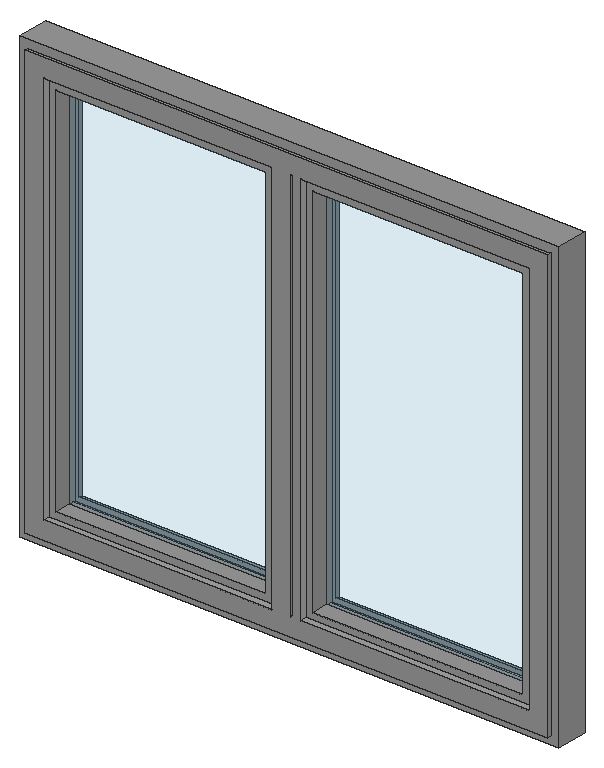
Revit family "Kawneer_Window_GT70s_Pos005", category Windows, host Wall, Revit 2020 (continued)
Definition of nested family "Kawneer_GT70s_Pos005"
  Definition of nested family "Kawneer_GT70s_Jamb"
    Lines and regions (mm)
      model lines, in view "Ref. Level", visible <- "Open", detail levels fine
        curve 272: arc (-43.3, -22.3, 0) -> (-43.154, -21.946, 0) -> (-42.8, -21.8, 0) r 0.5
        curve 273: arc (-42, -21.8, 0) -> (-41.9, -21.827, 0) -> (-41.827, -21.9, 0) r 0.2
        curve 274: arc (-41.827, -21.9, 0) -> (-41.754, -21.973, 0) -> (-41.654, -22, 0) r 0.2
        curve 275: arc (-36, -22, 0) -> (-35.646, -21.854, 0) -> (-35.5, -21.5, 0) r 0.5
        curve 276: arc (-35.5, -18, 0) -> (-35.646, -17.646, 0) -> (-36, -17.5, 0) r 0.5
        curve 277: arc (-36.5, -17.5, 0) -> (-36.854, -17.646, 0) -> (-37, -18, 0) r 0.5
        curve 278: arc (-37, -19.5, 0) -> (-37.146, -19.854, 0) -> (-37.5, -20, 0) r 0.5
        curve 279: arc (-39.207, -20, 0) -> (-39.485, -20.039, 0) -> (-39.74, -20.154, 0) r 1
        curve 280: arc (-39.74, -20.154, 0) -> (-40.112, -20.112, 0) -> (-40.154, -19.74, 0) r 0.3
        curve 281: arc (-40.154, -19.74, 0) -> (-40.039, -19.485, 0) -> (-40, -19.207, 0) r 1
        curve 282: arc (-40, -0.793, 0) -> (-40.039, -0.515, 0) -> (-40.154, -0.26, 0) r 1
        curve 283: arc (-40.154, -0.26, 0) -> (-40.112, 0.112, 0) -> (-39.74, 0.154, 0) r 0.3
        curve 284: arc (-39.74, 0.154, 0) -> (-39.485, 0.039, 0) -> (-39.207, 0, 0) r 1
        curve 285: arc (-37.5, 0, 0) -> (-37.146, -0.146, 0) -> (-37, -0.5, 0) r 0.5
        curve 286: arc (-37, -2, 0) -> (-36.854, -2.354, 0) -> (-36.5, -2.5, 0) r 0.5
        curve 287: arc (-36, -2.5, 0) -> (-35.646, -2.354, 0) -> (-35.5, -2, 0) r 0.5
        curve 288: arc (-35.5, 1.5, 0) -> (-35.646, 1.854, 0) -> (-36, 2, 0) r 0.5
        curve 289: arc (-39.5, 2, 0) -> (-39.854, 2.146, 0) -> (-40, 2.5, 0) r 0.5
        curve 290: arc (-40, 4.7, 0) -> (-39.561, 5.761, 0) -> (-38.5, 6.2, 0) r 1.5
        curve 291: arc (-25.6, 6.2, 0) -> (-25.246, 6.054, 0) -> (-25.1, 5.7, 0) r 0.5
        curve 292: arc (-25.1, 4.5, 0) -> (-24.954, 4.146, 0) -> (-24.6, 4, 0) r 0.5
        curve 293: arc (-23.8, 4, 0) -> (-23.446, 4.146, 0) -> (-23.3, 4.5, 0) r 0.5
        curve 294: arc (-23.3, 4.8, 0) -> (-23.359, 4.941, 0) -> (-23.5, 5, 0) r 0.2
        curve 295: arc (-23.8, 5, 0) -> (-24.154, 5.146, 0) -> (-24.3, 5.5, 0) r 0.5
        curve 296: arc (-24.3, 6.1, 0) -> (-24.154, 6.454, 0) -> (-23.8, 6.6, 0) r 0.5
        curve 297: arc (-19.7, 6.6, 0) -> (-19.346, 6.454, 0) -> (-19.2, 6.1, 0) r 0.5
        curve 298: arc (-19.2, 5.5, 0) -> (-19.346, 5.146, 0) -> (-19.7, 5, 0) r 0.5
        curve 299: arc (-20.2, 5, 0) -> (-20.341, 4.941, 0) -> (-20.4, 4.8, 0) r 0.2
        curve 300: arc (-20.4, 4.5, 0) -> (-20.254, 4.146, 0) -> (-19.9, 4, 0) r 0.5
        curve 301: arc (-18.5, 4, 0) -> (-18.146, 4.146, 0) -> (-18, 4.5, 0) r 0.5
        curve 302: arc (-18, 6, 0) -> (-18.586, 7.414, 0) -> (-20, 8, 0) r 2
        curve 303: arc (-57.05, -38.8, 0) -> (-57.404, -38.946, 0) -> (-57.55, -39.3, 0) r 0.5
        curve 304: arc (-57.55, -39.3, 0) -> (-57.488, -43.91, 0) -> (-57.303, -48.516, 0) r 172.47
        curve 305: arc (-57.303, -48.516, 0) -> (-57.098, -49.458, 0) -> (-56.605, -50.286, 0) r 3.002
        curve 306: arc (-55.22, -51.936, 0) -> (-54.7, -52.838, 0) -> (-54.519, -53.863, 0) r 2.996
        curve 307: arc (-54.519, -54.329, 0) -> (-54.502, -54.456, 0) -> (-54.452, -54.574, 0) r 0.5
        curve 308: arc (-53.6, -56.6, 0) -> (-53.659, -56.741, 0) -> (-53.8, -56.8, 0) r 0.2
        curve 309: arc (-54.821, -56.8, 0) -> (-55.08, -56.65, 0) -> (-55.08, -56.35, 0) r 0.3
        curve 310: arc (-55.08, -56.35, 0) -> (-55.6, -55.45, 0) -> (-56.12, -56.35, 0) r 0.6
        curve 311: arc (-56.12, -56.35, 0) -> (-56.12, -56.65, 0) -> (-56.379, -56.8, 0) r 0.3
        curve 312: arc (-57.2, -56.8, 0) -> (-57.341, -56.741, 0) -> (-57.4, -56.6, 0) r 0.2
        curve 313: arc (-56.897, -54.429, 0) -> (-57.114, -53.72, 0) -> (-57.645, -53.201, 0) r 1.5
        curve 314: arc (-58.45, -52.736, 0) -> (-58.816, -52.37, 0) -> (-58.95, -51.87, 0) r 1
        curve 315: arc (-58.95, -26.73, 0) -> (-58.816, -26.23, 0) -> (-58.45, -25.864, 0) r 1
        curve 316: arc (-57.645, -25.399, 0) -> (-57.114, -24.88, 0) -> (-56.897, -24.171, 0) r 1.5
        curve 317: arc (-57.4, -22, 0) -> (-57.341, -21.859, 0) -> (-57.2, -21.8, 0) r 0.2
        curve 318: arc (-56.379, -21.8, 0) -> (-56.12, -21.95, 0) -> (-56.12, -22.25, 0) r 0.3
        curve 319: arc (-56.12, -22.25, 0) -> (-55.6, -23.15, 0) -> (-55.08, -22.25, 0) r 0.6
        curve 320: arc (-55.08, -22.25, 0) -> (-55.08, -21.95, 0) -> (-54.821, -21.8, 0) r 0.3
        curve 321: arc (-53.8, -21.8, 0) -> (-53.659, -21.859, 0) -> (-53.6, -22, 0) r 0.2
        curve 322: arc (-54.452, -24.026, 0) -> (-54.502, -24.144, 0) -> (-54.519, -24.271, 0) r 0.5
        curve 323: arc (-54.519, -24.737, 0) -> (-54.672, -25.773, 0) -> (-55.221, -26.665, 0) r 2.599
        curve 324: arc (-56.605, -28.315, 0) -> (-57.095, -29.143, 0) -> (-57.303, -30.083, 0) r 3.049
        curve 325: arc (-57.303, -30.083, 0) -> (-57.455, -33.587, 0) -> (-57.536, -37.094, 0) r 172.05
        curve 326: arc (-57.536, -37.094, 0) -> (-57.392, -37.451, 0) -> (-57.036, -37.6, 0) r 0.5
        curve 327: arc (-48.75, -37.6, 0) -> (-48.326, -37.776, 0) -> (-48.15, -38.2, 0) r 0.6
        curve 328: arc (-48.15, -38.2, 0) -> (-48.326, -38.624, 0) -> (-48.75, -38.8, 0) r 0.6
        curve 329: arc (-48.748, -39.1, 0) -> (-47.848, -38.2, 0) -> (-48.748, -37.3, 0) r 0.9
        curve 330: arc (-53.348, -39.499, 0) -> (-54.248, -40.399, 0) -> (-53.348, -41.299, 0) r 0.9
        curve 331: arc (-42.707, -37.123, 0) -> (-42.519, -37.18, 0) -> (-42.324, -37.199, 0) r 1
        curve 332: arc (-38.348, -37.199, 0) -> (-37.641, -36.906, 0) -> (-37.348, -36.199, 0) r 1
        curve 333: arc (-37.348, -29.799, 0) -> (-37.788, -28.738, 0) -> (-38.848, -28.299, 0) r 1.5
        curve 334: arc (-42.548, -28.299, 0) -> (-43.609, -28.738, 0) -> (-44.048, -29.799, 0) r 1.5
        curve 335: arc (-44.048, -35.475, 0) -> (-43.972, -35.857, 0) -> (-43.755, -36.182, 0) r 1
        curve 336: arc (-43.031, -36.906, 0) -> (-42.879, -37.03, 0) -> (-42.707, -37.123, 0) r 1
        curve 337: arc (-37.348, -38.899, 0) -> (-37.641, -38.192, 0) -> (-38.348, -37.899, 0) r 1
        curve 338: arc (-41.918, -37.899, 0) -> (-42.372, -38.008, 0) -> (-42.728, -38.311, 0) r 1
        curve 339: arc (-43.857, -39.866, 0) -> (-43.999, -40.145, 0) -> (-44.048, -40.454, 0) r 1
        curve 340: arc (-44.048, -45.299, 0) -> (-43.609, -46.36, 0) -> (-42.548, -46.799, 0) r 1.5
        curve 341: arc (-38.848, -46.799, 0) -> (-37.788, -46.36, 0) -> (-37.348, -45.299, 0) r 1.5
        curve 342: arc (-44.898, -56.6, 0) -> (-44.957, -56.741, 0) -> (-45.098, -56.8, 0) r 0.2
        curve 343: arc (-45.919, -56.8, 0) -> (-46.179, -56.65, 0) -> (-46.178, -56.35, 0) r 0.3
        curve 344: arc (-46.178, -56.35, 0) -> (-46.698, -55.448, 0) -> (-47.218, -56.35, 0) r 0.601
        curve 345: arc (-47.218, -56.35, 0) -> (-47.218, -56.65, 0) -> (-47.478, -56.8, 0) r 0.3
        curve 346: arc (-48.498, -56.8, 0) -> (-48.64, -56.741, 0) -> (-48.698, -56.6, 0) r 0.2
        curve 347: arc (-47.846, -54.574, 0) -> (-47.797, -54.456, 0) -> (-47.779, -54.33, 0) r 0.5
        curve 348: arc (-47.779, -53.863, 0) -> (-47.598, -52.835, 0) -> (-47.075, -51.932, 0) r 2.996
        curve 349: arc (-45.75, -50.353, 0) -> (-45.229, -49.451, 0) -> (-45.048, -48.425, 0) r 3
        curve 350: arc (-45.048, -41.499, 0) -> (-45.195, -41.145, 0) -> (-45.548, -40.999, 0) r 0.5
        curve 351: arc (-53.348, -40.999, 0) -> (-53.948, -40.399, 0) -> (-53.348, -39.799, 0) r 0.6
        curve 352: arc (-45.299, -39.799, 0) -> (-45.072, -39.744, 0) -> (-44.895, -39.593, 0) r 0.5
        curve 353: arc (-44.177, -38.605, 0) -> (-43.975, -37.65, 0) -> (-44.55, -36.86, 0) r 1.2
        curve 354: arc (-44.55, -36.86, 0) -> (-44.756, -36.701, 0) -> (-44.915, -36.493, 0) r 1
        curve 355: arc (-44.915, -36.493, 0) -> (-45.015, -36.252, 0) -> (-45.048, -35.993, 0) r 1
        curve 356: arc (-45.048, -30.173, 0) -> (-45.23, -29.148, 0) -> (-45.75, -28.247, 0) r 3
        curve 357: arc (-47.078, -26.664, 0) -> (-47.599, -25.761, 0) -> (-47.779, -24.733, 0) r 2.996
        curve 358: arc (-47.779, -24.27, 0) -> (-47.797, -24.143, 0) -> (-47.847, -24.024, 0) r 0.5
        curve 359: arc (-48.698, -22, 0) -> (-48.639, -21.858, 0) -> (-48.498, -21.8, 0) r 0.2
        curve 360: arc (-47.478, -21.8, 0) -> (-47.218, -21.95, 0) -> (-47.218, -22.25, 0) r 0.3
        curve 361: arc (-47.218, -22.25, 0) -> (-46.698, -23.173, 0) -> (-46.179, -22.25, 0) r 0.608
        curve 362: arc (-46.179, -22.25, 0) -> (-46.179, -21.95, 0) -> (-45.919, -21.8, 0) r 0.3
        curve 363: arc (-45.098, -21.8, 0) -> (-44.957, -21.859, 0) -> (-44.898, -22, 0) r 0.2
        curve 364: arc (-45.402, -24.171, 0) -> (-45.184, -24.88, 0) -> (-44.653, -25.399, 0) r 1.5
        curve 365: arc (-43.848, -25.864, 0) -> (-43.509, -26.186, 0) -> (-43.354, -26.626, 0) r 1
        curve 366: arc (-43.354, -26.626, 0) -> (-43.11, -27.106, 0) -> (-42.608, -27.299, 0) r 0.75
        curve 367: arc (-37.848, -27.299, 0) -> (-36.788, -27.738, 0) -> (-36.348, -28.799, 0) r 1.5
        curve 368: arc (-36.348, -47.299, 0) -> (-36.386, -47.49, 0) -> (-36.495, -47.652, 0) r 0.5
        curve 369: arc (-36.495, -47.652, 0) -> (-36.657, -47.761, 0) -> (-36.848, -47.799, 0) r 0.5
        curve 370: arc (-42.348, -47.799, 0) -> (-43.055, -48.092, 0) -> (-43.348, -48.799, 0) r 1
        curve 371: arc (-43.348, -51.87, 0) -> (-43.482, -52.37, 0) -> (-43.848, -52.736, 0) r 1
        curve 372: arc (-44.653, -53.201, 0) -> (-45.184, -53.72, 0) -> (-45.402, -54.429, 0) r 1.5
        curve 373: arc (-23.123, -48.448, 0) -> (-22.961, -48.34, 0) -> (-22.769, -48.302, 0) r 0.5
        curve 374: arc (-21.98, -48.302, 0) -> (-21.592, -48.486, 0) -> (-21.49, -48.902, 0) r 0.5
        curve 375: arc (-21.49, -48.902, 0) -> (-21.837, -49.477, 0) -> (-22.469, -49.702, 0) r 1
        curve 376: arc (-22.769, -49.702, 0) -> (-23.123, -49.556, 0) -> (-23.269, -49.202, 0) r 0.5
        curve 377: arc (-23.269, -48.802, 0) -> (-23.231, -48.611, 0) -> (-23.123, -48.448, 0) r 0.5
        curve 378: arc (-23.269, -50.864, 0) -> (-23.123, -50.511, 0) -> (-22.769, -50.364, 0) r 0.5
        curve 379: arc (-22.469, -50.364, 0) -> (-22.116, -50.511, 0) -> (-21.969, -50.864, 0) r 0.5
        curve 380: arc (-21.969, -51.264, 0) -> (-22.116, -51.618, 0) -> (-22.469, -51.764, 0) r 0.5
        curve 381: arc (-22.769, -51.764, 0) -> (-23.123, -51.618, 0) -> (-23.269, -51.264, 0) r 0.5
        curve 382: arc (-22.417, -47.337, 0) -> (-23.203, -47.721, 0) -> (-23.75, -47.038, 0) r 0.7
        curve 383: arc (-23.75, -45.879, 0) -> (-23.828, -45.72, 0) -> (-24.001, -45.685, 0) r 0.2
        curve 384: arc (-24.001, -45.685, 0) -> (-24.538, -45.926, 0) -> (-24.969, -46.327, 0) r 1.8
        curve 385: arc (-24.969, -46.327, 0) -> (-25.247, -46.846, 0) -> (-25.343, -47.426, 0) r 1.8
        curve 386: arc (-25.478, -48.971, 0) -> (-26.249, -50.38, 0) -> (-27.807, -50.768, 0) r 2
        curve 387: arc (-37.792, -49.066, 0) -> (-37.975, -48.917, 0) -> (-37.74, -48.895, 0) r 0.127
        curve 388: arc (-33.917, -49.648, 0) -> (-33.407, -49.439, 0) -> (-33.399, -48.888, 0) r 0.5
        curve 389: arc (-33.399, -48.888, 0) -> (-34.305, -48.041, 0) -> (-35.507, -47.733, 0) r 2.5
        curve 390: arc (-38.535, -47.733, 0) -> (-39.49, -48.435, 0) -> (-39.104, -49.555, 0) r 1
        curve 391: arc (-38.829, -49.745, 0) -> (-34.447, -52.327, 0) -> (-29.736, -54.247, 0) r 35
        curve 392: arc (-24.062, -56.09, 0) -> (-23.882, -56.062, 0) -> (-23.8, -55.9, 0) r 0.2
        curve 393: arc (-23.8, -53.033, 0) -> (-23.123, -52.333, 0) -> (-22.402, -52.987, 0) r 0.7
        curve 394: arc (-19.45, -52.318, 0) -> (-19.34, -52.208, 0) -> (-19.3, -52.058, 0) r 0.3
        curve 395: arc (-19.3, -50.838, 0) -> (-19.703, -50.435, 0) -> (-20.105, -50.838, 0) r 0.403
        curve 396: arc (-20.105, -51.044, 0) -> (-20.43, -51.369, 0) -> (-20.755, -51.044, 0) r 0.325
        curve 397: arc (-20.755, -50.331, 0) -> (-20.665, -50.044, 0) -> (-20.427, -49.861, 0) r 0.5
        curve 398: arc (-20.427, -49.861, 0) -> (-19.714, -49.312, 0) -> (-19.443, -48.453, 0) r 1.5
        curve 399: arc (-19.443, -48.22, 0) -> (-19.482, -48.073, 0) -> (-19.588, -47.964, 0) r 0.3
        curve 400: arc (-21.314, 5.418, 0) -> (-21.379, 5.548, 0) -> (-21.514, 5.601, 0) r 0.2
        curve 401: arc (-22.186, 5.601, 0) -> (-22.321, 5.548, 0) -> (-22.386, 5.418, 0) r 0.2
        curve 402: arc (-22.499, 4.118, 0) -> (-22.447, 3.966, 0) -> (-22.3, 3.901, 0) r 0.2
        curve 403: arc (-21.4, 3.901, 0) -> (-21.253, 3.966, 0) -> (-21.201, 4.118, 0) r 0.2
        curve 404: arc (-19.374, 0.801, 0) -> (-18.827, 1.016, 0) -> (-18.575, 1.547, 0) r 0.8
        curve 405: arc (-18.575, 1.547, 0) -> (-18.557, 2.183, 0) -> (-18.588, 2.818, 0) r 8.2
        curve 406: arc (-18.588, 2.818, 0) -> (-18.652, 2.948, 0) -> (-18.787, 3.001, 0) r 0.2
        curve 407: arc (-22.98, 3.001, 0) -> (-23.079, 2.92, 0) -> (-23.018, 2.808, 0) r 0.1
        curve 408: arc (-23.018, 2.808, 0) -> (-21.725, 2.548, 0) -> (-20.427, 2.788, 0) r 3.48
        curve 409: arc (-20.427, 2.788, 0) -> (-19.497, 2.631, 0) -> (-19.262, 1.718, 0) r 0.866
        curve 410: arc (-19.262, 1.718, 0) -> (-19.522, 1.279, 0) -> (-19.938, 0.984, 0) r 1.222
        curve 411: arc (-24.001, 1.423, 0) -> (-23.692, 1.905, 0) -> (-23.21, 1.597, 0) r 0.405
        curve 412: arc (-23.21, 1.597, 0) -> (-22.892, 1.058, 0) -> (-22.318, 0.809, 0) r 1.009
        curve 413: arc (-22.318, 0.809, 0) -> (-22.054, 0.8, 0) -> (-21.79, 0.822, 0) r 2.275
        curve 414: arc (-21.79, 0.822, 0) -> (-21.531, 0.873, 0) -> (-21.28, 0.955, 0) r 2.275
        curve 415: arc (-21.28, 0.955, 0) -> (-20.591, 1.326, 0) -> (-20.012, 1.851, 0) r 3.222
        curve 416: arc (-20.012, 1.851, 0) -> (-20.004, 2.011, 0) -> (-20.157, 2.057, 0) r 0.13
        curve 417: arc (-20.157, 2.057, 0) -> (-22.9, 1.942, 0) -> (-25.143, 3.524, 0) r 4.258
        curve 418: arc (-25.143, 3.524, 0) -> (-25.167, 3.837, 0) -> (-24.9, 4.001, 0) r 0.3
        curve 419: arc (-23.5, 4.001, 0) -> (-23.359, 4.059, 0) -> (-23.3, 4.201, 0) r 0.2
        curve 420: arc (-23.735, 5.377, 0) -> (-23.897, 5.54, 0) -> (-23.8, 5.747, 0) r 0.2
        curve 421: arc (-19.9, 5.747, 0) -> (-19.803, 5.54, 0) -> (-19.965, 5.377, 0) r 0.2
        curve 422: arc (-20.4, 4.201, 0) -> (-20.341, 4.059, 0) -> (-20.2, 4.001, 0) r 0.2
        curve 423: arc (-18.2, 4.001, 0) -> (-18.008, 3.931, 0) -> (-17.905, 3.754, 0) r 0.3
        curve 424: arc (-17.905, 3.754, 0) -> (-17.771, 2.624, 0) -> (-17.778, 1.486, 0) r 9.161
        curve 425: arc (-17.778, 1.486, 0) -> (-18.282, 0.426, 0) -> (-19.374, -0.005, 0) r 1.6
        curve 426: arc (-22.244, -0.005, 0) -> (-23.371, 0.402, 0) -> (-24.001, 1.423, 0) r 1.819
        curve 427: arc (-34.4, -68.117, 0) -> (-34.452, -67.965, 0) -> (-34.6, -67.9, 0) r 0.2
        curve 428: arc (-35.4, -67.9, 0) -> (-35.547, -67.965, 0) -> (-35.599, -68.117, 0) r 0.2
        curve 429: arc (-35.485, -69.417, 0) -> (-35.421, -69.547, 0) -> (-35.286, -69.6, 0) r 0.2
        curve 430: arc (-36.686, -69.913, 0) -> (-36.839, -69.47, 0) -> (-36.516, -69.131, 0) r 0.45
        curve 431: arc (-36.4, -68.3, 0) -> (-36.488, -68.088, 0) -> (-36.7, -68, 0) r 0.3
        curve 432: arc (-39.099, -68, 0) -> (-39.319, -68.097, 0) -> (-39.398, -68.324, 0) r 0.3
        curve 433: arc (-39.4, -72, 0) -> (-40.226, -71.752, 0) -> (-40.779, -71.09, 0) r 1.5
        curve 434: arc (-40.779, -71.09, 0) -> (-41.567, -70.008, 0) -> (-42.747, -69.376, 0) r 3
        curve 435: arc (-46.63, -68.317, 0) -> (-46.991, -67.746, 0) -> (-46.453, -67.337, 0) r 0.5
        curve 436: arc (-41.435, -67.798, 0) -> (-41.072, -67.686, 0) -> (-40.892, -67.35, 0) r 0.5
        curve 437: arc (-40.892, -67.35, 0) -> (-40.406, -66.388, 0) -> (-39.4, -66, 0) r 1.5
        curve 438: arc (-32.4, -66, 0) -> (-31.339, -66.439, 0) -> (-30.9, -67.5, 0) r 1.5
        curve 439: arc (-33.3, -68, 0) -> (-33.512, -68.088, 0) -> (-33.6, -68.3, 0) r 0.3
        curve 440: arc (-59, -63.646, 0) -> (-59.146, -63.293, 0) -> (-59.5, -63.146, 0) r 0.5
        curve 441: arc (-64, -62.646, 0) -> (-63.854, -63, 0) -> (-63.5, -63.146, 0) r 0.5
        curve 442: arc (-63.5, -51.646, 0) -> (-63.854, -51.793, 0) -> (-64, -52.146, 0) r 0.5
        curve 443: arc (-59.5, -51.646, 0) -> (-59.146, -51.5, 0) -> (-59, -51.146, 0) r 0.5
        curve 444: arc (-64, -49.146, 0) -> (-63.854, -49.5, 0) -> (-63.5, -49.646, 0) r 0.5
        curve 445: arc (-59, -50.146, 0) -> (-59.146, -49.793, 0) -> (-59.5, -49.646, 0) r 0.5
        curve 446: arc (-59.5, -22.646, 0) -> (-59.146, -22.5, 0) -> (-59, -22.146, 0) r 0.5
        curve 447: arc (-63.5, -22.646, 0) -> (-63.854, -22.793, 0) -> (-64, -23.146, 0) r 0.5
        curve 448: arc (-59.001, -18.671, 0) -> (-59.138, -18.302, 0) -> (-59.5, -18.146, 0) r 0.5
        curve 449: arc (-61, -18.146, 0) -> (-61.354, -18.293, 0) -> (-61.5, -18.646, 0) r 0.5
        curve 450: arc (-62, -20.646, 0) -> (-61.646, -20.5, 0) -> (-61.5, -20.146, 0) r 0.5
        curve 451: arc (-62.188, -3.988, 0) -> (-61.976, -3.9, 0) -> (-61.764, -3.988, 0) r 0.3
        curve 452: arc (-61.205, -4.546, 0) -> (-61.097, -5.091, 0) -> (-61.559, -5.4, 0) r 0.5
        curve 453: arc (-64.238, -5.4, 0) -> (-65.238, -5.132, 0) -> (-65.97, -4.4, 0) r 2
        curve 454: arc (-67.5, -1.75, 0) -> (-67.683, -1.567, 0) -> (-67.933, -1.5, 0) r 0.5
        curve 455: arc (-76.078, -1.5, 0) -> (-77.11, -1.911, 0) -> (-77.576, -2.92, 0) r 1.5
        curve 456: arc (-77.744, -12.082, 0) -> (-77.458, -12.801, 0) -> (-76.744, -13.1, 0) r 1
        curve 457: arc (-60.356, -13.1, 0) -> (-59.481, -13.772, 0) -> (-59.903, -14.792, 0) r 0.906
        curve 458: arc (-61.534, -15.733, 0) -> (-61.655, -15.783, 0) -> (-61.784, -15.8, 0) r 0.5
        curve 459: arc (-62.25, -15.8, 0) -> (-62.391, -15.741, 0) -> (-62.45, -15.6, 0) r 0.2
        curve 460: arc (-61.709, -14.541, 0) -> (-61.665, -14.323, 0) -> (-61.85, -14.2, 0) r 0.2
        curve 461: arc (-77.3, -14.2, 0) -> (-77.654, -14.346, 0) -> (-77.8, -14.7, 0) r 0.5
        curve 462: arc (-77.8, -28.9, 0) -> (-77.654, -29.254, 0) -> (-77.3, -29.4, 0) r 0.5
        curve 463: arc (-77.2, -29.4, 0) -> (-76.846, -29.546, 0) -> (-76.7, -29.9, 0) r 0.5
        curve 464: arc (-76.7, -30.4, 0) -> (-76.846, -30.754, 0) -> (-77.2, -30.9, 0) r 0.5
        curve 465: arc (-78.5, -30.9, 0) -> (-78.854, -30.754, 0) -> (-79, -30.4, 0) r 0.5
        curve 466: arc (-79, -0.5, 0) -> (-78.854, -0.146, 0) -> (-78.5, 0, 0) r 0.5
        curve 467: arc (-64.7, 0, 0) -> (-64.346, -0.146, 0) -> (-64.2, -0.5, 0) r 0.5
        curve 468: arc (-64.2, -1, 0) -> (-64.259, -1.141, 0) -> (-64.4, -1.2, 0) r 0.2
        curve 469: arc (-65.566, -1.2, 0) -> (-65.999, -1.45, 0) -> (-65.999, -1.95, 0) r 0.5
        curve 470: arc (-64.989, -3.7, 0) -> (-64.623, -4.066, 0) -> (-64.123, -4.2, 0) r 1
        curve 471: arc (-62.566, -4.2, 0) -> (-62.413, -4.17, 0) -> (-62.283, -4.083, 0) r 0.4
        curve 472: spline (-76.891, -35.351, 0) -> (-77.086, -35.603, 0) -> (-77.298, -35.838, 0) -> (-77.527, -36.055, 0) -> (-77.77, -36.253, 0) -> (-78.026, -36.43, 0) -> (-78.295, -36.586, 0) -> (-78.574, -36.719, 0) -> (-78.861, -36.83, 0) -> (-79.156, -36.916, 0) -> (-79.456, -36.978, 0) -> (-79.759, -37.016, 0) -> (-80.064, -37.028, 0)
        curve 473: spline (-76.891, -35.351, 0) -> (-76.752, -35.2, 0) -> (-76.596, -35.069, 0) -> (-76.426, -34.96, 0) -> (-76.245, -34.876, 0) -> (-76.055, -34.816, 0) -> (-75.859, -34.784, 0) -> (-75.661, -34.778, 0) -> (-75.464, -34.799, 0) -> (-75.272, -34.847, 0) -> (-75.086, -34.921, 0) -> (-74.911, -35.02, 0) -> (-74.749, -35.142, 0)
        curve 474: spline (-69.697, -37.028, 0) -> (-70.151, -37.017, 0) -> (-70.604, -36.978, 0) -> (-71.054, -36.912, 0) -> (-71.501, -36.819, 0) -> (-71.941, -36.698, 0) -> (-72.374, -36.551, 0) -> (-72.799, -36.378, 0) -> (-73.214, -36.179, 0) -> (-73.618, -35.955, 0) -> (-74.009, -35.707, 0) -> (-74.387, -35.436, 0) -> (-74.749, -35.142, 0)
        curve 475: spline (-69.509, -35.776, 0) -> (-69.382, -35.84, 0) -> (-69.273, -35.934, 0) -> (-69.186, -36.053, 0) -> (-69.128, -36.189, 0) -> (-69.102, -36.337, 0) -> (-69.108, -36.487, 0) -> (-69.146, -36.632, 0) -> (-69.214, -36.763, 0) -> (-69.31, -36.873, 0) -> (-69.426, -36.957, 0) -> (-69.557, -37.01, 0) -> (-69.697, -37.028, 0)
        curve 476: spline (-69.509, -35.776, 0) -> (-69.816, -35.653, 0) -> (-70.115, -35.509, 0) -> (-70.404, -35.344, 0) -> (-70.683, -35.159, 0) -> (-70.95, -34.956, 0) -> (-71.204, -34.733, 0) -> (-71.444, -34.494, 0) -> (-71.668, -34.238, 0) -> (-71.877, -33.967, 0) -> (-72.068, -33.682, 0) -> (-72.242, -33.384, 0) -> (-72.397, -33.074, 0)
        curve 477: spline (-72.397, -33.074, 0) -> (-72.462, -32.932, 0) -> (-72.527, -32.789, 0) -> (-72.59, -32.645, 0) -> (-72.653, -32.501, 0) -> (-72.716, -32.357, 0) -> (-72.777, -32.213, 0) -> (-72.838, -32.068, 0) -> (-72.897, -31.922, 0) -> (-72.956, -31.776, 0) -> (-73.015, -31.63, 0) -> (-73.072, -31.484, 0) -> (-73.129, -31.337, 0)
        curve 478: spline (-73.736, -30.94, 0) -> (-73.673, -30.938, 0) -> (-73.609, -30.943, 0) -> (-73.547, -30.955, 0) -> (-73.486, -30.974, 0) -> (-73.427, -30.999, 0) -> (-73.371, -31.032, 0) -> (-73.319, -31.07, 0) -> (-73.271, -31.114, 0) -> (-73.227, -31.163, 0) -> (-73.189, -31.217, 0) -> (-73.156, -31.276, 0) -> (-73.129, -31.337, 0)
        curve 479: spline (-74.46, -31.008, 0) -> (-74.479, -31.009, 0) -> (-74.499, -31.009, 0) -> (-74.518, -31.007, 0) -> (-74.538, -31.004, 0) -> (-74.557, -31, 0) -> (-74.576, -30.994, 0) -> (-74.594, -30.987, 0) -> (-74.613, -30.979, 0) -> (-74.63, -30.969, 0) -> (-74.647, -30.959, 0) -> (-74.663, -30.947, 0) -> (-74.679, -30.934, 0)
        curve 480: spline (-75.611, -30.412, 0) -> (-75.589, -30.378, 0) -> (-75.563, -30.348, 0) -> (-75.533, -30.323, 0) -> (-75.5, -30.303, 0) -> (-75.464, -30.289, 0) -> (-75.427, -30.28, 0) -> (-75.389, -30.278, 0) -> (-75.351, -30.282, 0) -> (-75.314, -30.292, 0) -> (-75.279, -30.308, 0) -> (-75.246, -30.33, 0) -> (-75.217, -30.356, 0)
        curve 481: spline (-75.856, -30.867, 0) -> (-75.87, -30.891, 0) -> (-75.886, -30.913, 0) -> (-75.904, -30.934, 0) -> (-75.923, -30.953, 0) -> (-75.944, -30.97, 0) -> (-75.966, -30.985, 0) -> (-75.989, -30.998, 0) -> (-76.013, -31.009, 0) -> (-76.038, -31.017, 0) -> (-76.064, -31.023, 0) -> (-76.09, -31.027, 0) -> (-76.116, -31.028, 0)
        curve 482: spline (-78.894, -31.028, 0) -> (-78.936, -31.025, 0) -> (-78.976, -31.016, 0) -> (-79.015, -31.001, 0) -> (-79.052, -30.98, 0) -> (-79.085, -30.954, 0) -> (-79.115, -30.924, 0) -> (-79.141, -30.889, 0) -> (-79.162, -30.851, 0) -> (-79.178, -30.81, 0) -> (-79.189, -30.767, 0) -> (-79.194, -30.723, 0) -> (-79.193, -30.679, 0)
        curve 483: spline (-79.492, -27.974, 0) -> (-79.442, -27.935, 0) -> (-79.384, -27.908, 0) -> (-79.323, -27.894, 0) -> (-79.26, -27.895, 0) -> (-79.199, -27.909, 0) -> (-79.141, -27.937, 0) -> (-79.091, -27.977, 0) -> (-79.049, -28.027, 0) -> (-79.018, -28.085, 0) -> (-78.999, -28.149, 0) -> (-78.993, -28.216, 0) -> (-79, -28.283, 0)
        curve 484: spline (-80.487, -29.447, 0) -> (-80.428, -29.308, 0) -> (-80.364, -29.171, 0) -> (-80.296, -29.037, 0) -> (-80.223, -28.906, 0) -> (-80.146, -28.778, 0) -> (-80.064, -28.652, 0) -> (-79.979, -28.53, 0) -> (-79.889, -28.412, 0) -> (-79.796, -28.297, 0) -> (-79.698, -28.185, 0) -> (-79.597, -28.078, 0) -> (-79.492, -27.974, 0)
        curve 485: spline (-81.118, -32.084, 0) -> (-81.09, -31.859, 0) -> (-81.057, -31.634, 0) -> (-81.019, -31.41, 0) -> (-80.978, -31.187, 0) -> (-80.931, -30.965, 0) -> (-80.881, -30.744, 0) -> (-80.826, -30.524, 0) -> (-80.767, -30.306, 0) -> (-80.703, -30.089, 0) -> (-80.635, -29.873, 0) -> (-80.563, -29.659, 0) -> (-80.487, -29.447, 0)
        curve 486: spline (-81.118, -32.084, 0) -> (-81.15, -32.334, 0) -> (-81.187, -32.583, 0) -> (-81.23, -32.831, 0) -> (-81.278, -33.078, 0) -> (-81.331, -33.323, 0) -> (-81.39, -33.568, 0) -> (-81.454, -33.81, 0) -> (-81.524, -34.051, 0) -> (-81.599, -34.29, 0) -> (-81.679, -34.527, 0) -> (-81.764, -34.762, 0) -> (-81.855, -34.995, 0)
        curve 487: spline (-81.415, -35.586, 0) -> (-81.486, -35.593, 0) -> (-81.558, -35.586, 0) -> (-81.627, -35.566, 0) -> (-81.692, -35.532, 0) -> (-81.75, -35.487, 0) -> (-81.8, -35.431, 0) -> (-81.839, -35.367, 0) -> (-81.868, -35.296, 0) -> (-81.884, -35.221, 0) -> (-81.887, -35.144, 0) -> (-81.877, -35.068, 0) -> (-81.855, -34.995, 0)
        curve 488: spline (-79.268, -33.411, 0) -> (-79.353, -33.668, 0) -> (-79.458, -33.917, 0) -> (-79.583, -34.156, 0) -> (-79.726, -34.382, 0) -> (-79.887, -34.594, 0) -> (-80.064, -34.791, 0) -> (-80.255, -34.971, 0) -> (-80.461, -35.133, 0) -> (-80.678, -35.276, 0) -> (-80.906, -35.399, 0) -> (-81.143, -35.5, 0) -> (-81.387, -35.579, 0)
        curve 489: spline (-79.268, -33.411, 0) -> (-79.192, -33.241, 0) -> (-79.074, -33.101, 0) -> (-78.923, -33.005, 0) -> (-78.752, -32.96, 0) -> (-78.576, -32.969, 0) -> (-78.411, -33.033, 0) -> (-78.27, -33.145, 0) -> (-78.165, -33.297, 0) -> (-78.106, -33.474, 0) -> (-78.097, -33.662, 0) -> (-78.14, -33.845, 0) -> (-78.23, -34.007, 0)
        curve 490: spline (-78.23, -34.007, 0) -> (-78.307, -34.114, 0) -> (-78.39, -34.217, 0) -> (-78.477, -34.315, 0) -> (-78.568, -34.409, 0) -> (-78.664, -34.498, 0) -> (-78.763, -34.581, 0) -> (-78.866, -34.66, 0) -> (-78.973, -34.733, 0) -> (-79.083, -34.8, 0) -> (-79.196, -34.861, 0) -> (-79.311, -34.917, 0) -> (-79.429, -34.966, 0)
        curve 491: spline (-79.429, -34.966, 0) -> (-79.679, -35.072, 0) -> (-79.932, -35.17, 0) -> (-80.187, -35.261, 0) -> (-80.444, -35.345, 0) -> (-80.703, -35.421, 0) -> (-80.964, -35.49, 0) -> (-81.226, -35.552, 0) -> (-81.49, -35.605, 0) -> (-81.755, -35.651, 0) -> (-82.022, -35.69, 0) -> (-82.289, -35.721, 0) -> (-82.557, -35.744, 0)
        curve 492: spline (-82.517, -37.028, 0) -> (-82.669, -37.007, 0) -> (-82.811, -36.945, 0) -> (-82.934, -36.847, 0) -> (-83.029, -36.719, 0) -> (-83.092, -36.569, 0) -> (-83.116, -36.407, 0) -> (-83.102, -36.243, 0) -> (-83.049, -36.089, 0) -> (-82.962, -35.954, 0) -> (-82.845, -35.847, 0) -> (-82.707, -35.776, 0) -> (-82.557, -35.744, 0)
        curve 493: arc (-76.397, -68.865, 0) -> (-76.441, -69.029, 0) -> (-76.594, -69.1, 0) r 0.2
        curve 494: arc (-76.75, -69.1, 0) -> (-76.928, -69.208, 0) -> (-76.914, -69.415, 0) r 0.2
        curve 495: arc (-76.494, -70.015, 0) -> (-76.422, -70.077, 0) -> (-76.33, -70.1, 0) r 0.2
        curve 496: arc (-75.765, -70.1, 0) -> (-75.665, -70.073, 0) -> (-75.592, -70, 0) r 0.2
        curve 497: arc (-75.173, -69.274, 0) -> (-75, -69.174, 0) -> (-74.827, -69.274, 0) r 0.2
        curve 498: arc (-74.408, -70, 0) -> (-74.335, -70.073, 0) -> (-74.235, -70.1, 0) r 0.2
        curve 499: arc (-73.67, -70.1, 0) -> (-73.578, -70.077, 0) -> (-73.506, -70.015, 0) r 0.2
        curve 500: arc (-73.086, -69.415, 0) -> (-73.073, -69.207, 0) -> (-73.25, -69.1, 0) r 0.2
        curve 501: arc (-73.406, -69.1, 0) -> (-73.559, -69.029, 0) -> (-73.603, -68.865, 0) r 0.2
        curve 502: arc (-71.41, -68, 0) -> (-71.275, -67.947, 0) -> (-71.211, -67.817, 0) r 0.2
        curve 503: arc (-70.835, -65.217, 0) -> (-70.886, -65.065, 0) -> (-71.034, -65, 0) r 0.2
        curve 504: arc (-72.747, -65, 0) -> (-72.868, -65.041, 0) -> (-72.94, -65.148, 0) r 0.2
        curve 505: arc (-73.101, -65.752, 0) -> (-73.173, -65.859, 0) -> (-73.295, -65.9, 0) r 0.2
        curve 506: arc (-76.706, -65.9, 0) -> (-76.827, -65.858, 0) -> (-76.899, -65.752, 0) r 0.2
        curve 507: arc (-77.06, -65.148, 0) -> (-77.132, -65.041, 0) -> (-77.253, -65, 0) r 0.2
        curve 508: arc (-78.966, -65, 0) -> (-79.114, -65.065, 0) -> (-79.165, -65.217, 0) r 0.2
        curve 509: arc (-78.789, -67.817, 0) -> (-78.725, -67.947, 0) -> (-78.59, -68, 0) r 0.2
        curve 631: line (-36.392, -66, 0) -> (-38.5, -68, 0)
        curve 668: line (-57, -70.5, 0) -> (-54.5, -70.5, 0)
        curve 669: line (-54, -70, 0) -> (-54, -67.8, 0)
        curve 670: line (-52, -65.8, 0) -> (-47.3, -65.8, 0)
        curve 671: line (-47.1, -65.6, 0) -> (-47.1, -58.6, 0)
        curve 672: line (-47.3, -58.4, 0) -> (-57.3, -58.4, 0)
        curve 673: line (-57.5, -58.6, 0) -> (-57.5, -70, 0)
        curve 674: line (-51.5, -72, 0) -> (-78.5, -72, 0)
        curve 675: line (-79, -71.5, 0) -> (-79, -68.5, 0)
        curve 676: line (-75.384, -69.639, 0) -> (-76.5, -68.5, 0)
        curve 677: line (-76.5, -68.5, 0) -> (-76.5, -68.8, 0)
        curve 678: line (-76.5, -68.8, 0) -> (-76.55, -68, 0)
        curve 679: line (-76.55, -68, 0) -> (-78.5, -68, 0)
        curve 680: line (-78.5, -68, 0) -> (-77, -68, 0)
        curve 681: line (-77, -68, 0) -> (-79.057, -65.967, 0)
        curve 682: line (-76.7, -69, 0) -> (-77.3, -69, 0)
        curve 683: line (-77.8, -69.5, 0) -> (-77.8, -70.1, 0)
        curve 684: line (-77.3, -70.6, 0) -> (-72.7, -70.6, 0)
        curve 685: line (-72.2, -70.1, 0) -> (-72.2, -69.5, 0)
        curve 686: line (-72.7, -69, 0) -> (-73.3, -69, 0)
        curve 687: line (-71.41, -68, 0) -> (-73.45, -68, 0)
        curve 688: line (-73.45, -68, 0) -> (-73.5, -68.8, 0)
        curve 689: line (-73.5, -68.8, 0) -> (-73.5, -68.5, 0)
        curve 690: line (-73.5, -68.5, 0) -> (-74.616, -69.639, 0)
        curve 691: line (-70.943, -65.967, 0) -> (-73, -68, 0)
        curve 692: line (-73, -68, 0) -> (-69.9, -68, 0)
        curve 693: line (-69.9, -68.8, 0) -> (-70.8, -68.8, 0)
        curve 694: line (-71, -69, 0) -> (-71, -69.9, 0)
        curve 695: line (-70.5, -70.4, 0) -> (-68, -70.4, 0)
        curve 696: line (-68, -70.4, 0) -> (-59.489, -70.211, 0)
        curve 697: line (-59, -69.711, 0) -> (-59, -53.933, 0)
        curve 698: line (-56.973, -55.042, 0) -> (-57.587, -56.523, 0)
        curve 699: line (-57.402, -56.8, 0) -> (-53.8, -56.8, 0)
        curve 700: line (-53.8, -56.8, 0) -> (-54.821, -56.8, 0)
        curve 701: line (-53.6, -56.6, 0) -> (-53.6, -56.06, 0)
        curve 702: line (-53.6, -56.06, 0) -> (-54.386, -54.698, 0)
        curve 703: line (-54.386, -54.698, 0) -> (-53.6, -56.05, 0)
        curve 704: line (-53.6, -56.05, 0) -> (-53.6, -56.6, 0)
        curve 705: line (-54.519, -53.863, 0) -> (-54.416, -54.3, 0)
        curve 706: line (-54.416, -54.3, 0) -> (-54.039, -54.3, 0)
        curve 707: line (-48.261, -54.3, 0) -> (-47.884, -54.3, 0)
        curve 708: line (-47.884, -54.3, 0) -> (-47.779, -53.863, 0)
        curve 709: line (-47.914, -54.698, 0) -> (-48.7, -56.06, 0)
        curve 710: line (-48.7, -56.06, 0) -> (-48.7, -56.6, 0)
        curve 711: line (-48.7, -56.6, 0) -> (-48.698, -56.05, 0)
        curve 712: line (-48.698, -56.05, 0) -> (-47.846, -54.574, 0)
        curve 713: line (-47.478, -56.8, 0) -> (-48.5, -56.8, 0)
        curve 714: line (-48.5, -56.8, 0) -> (-44.898, -56.8, 0)
        curve 715: line (-44.713, -56.523, 0) -> (-45.327, -55.042, 0)
        curve 716: line (-44.898, -56.6, 0) -> (-44.898, -55.719, 0)
        curve 717: line (-44.898, -55.719, 0) -> (-45.48, -54.672, 0)
        curve 718: line (-45.48, -54.672, 0) -> (-44.379, -54.036, 0)
        curve 719: line (-44.379, -54.036, 0) -> (-43.75, -53.673, 0)
        curve 720: line (-43.3, -53.933, 0) -> (-43.3, -57.228, 0)
        curve 721: line (-43.13, -57.426, 0) -> (-42.263, -57.588, 0)
        curve 722: line (-42.1, -57.785, 0) -> (-42.1, -58.4, 0)
        curve 723: line (-42.3, -58.6, 0) -> (-45.1, -58.6, 0)
        curve 724: line (-45.6, -59.1, 0) -> (-45.6, -65.3, 0)
        curve 725: line (-45.1, -65.8, 0) -> (-43.7, -65.8, 0)
        curve 726: line (-43.2, -66.3, 0) -> (-43.2, -66.8, 0)
        curve 727: line (-43.7, -67.3, 0) -> (-52, -67.3, 0)
        curve 728: line (-52.5, -67.8, 0) -> (-52.5, -70, 0)
        curve 729: line (-52, -70.5, 0) -> (-51.5, -70.5, 0)
        curve 730: line (-51, -71, 0) -> (-51, -71.5, 0)
        curve 731: line (-41.8, 6.3, 0) -> (-41.8, -19.8, 0)
        curve 732: line (-42, -20, 0) -> (-43.6, -20, 0)
        curve 733: line (-43.946, -20.2, 0) -> (-55.527, -20.2, 0)
        curve 734: line (-55.873, -20, 0) -> (-57, -20, 0)
        curve 735: line (-57.2, -19.8, 0) -> (-57.2, -18.7, 0)
        curve 736: line (-57.5, -18.313, 0) -> (-57.5, -3.887, 0)
        curve 737: line (-57.2, -3.5, 0) -> (-57.2, -2.405, 0)
        curve 738: line (-59.482, -0.3, 0) -> (-61.418, -0.3, 0)
        curve 739: line (-61.828, 0.487, 0) -> (-57.767, 6.287, 0)
        curve 740: line (-57.357, 6.5, 0) -> (-42, 6.5, 0)
        curve 741: line (-20, 8, 0) -> (-57.357, 8, 0)
        curve 742: line (-58.996, 7.147, 0) -> (-63.91, 0.129, 0)
        curve 743: line (-64, -0.158, 0) -> (-64, -2.342, 0)
        curve 744: line (-62.5, -4, 0) -> (-62.5, -2.3, 0)
        curve 745: line (-62, -1.8, 0) -> (-59.5, -1.8, 0)
        curve 746: line (-59, -2.3, 0) -> (-59, -15.8, 0)
        curve 747: line (-59.5, -16.3, 0) -> (-62, -16.3, 0)
        curve 748: line (-62.5, -15.8, 0) -> (-62.5, -14.4, 0)
        curve 749: line (-63.8, -15.839, 0) -> (-63.8, -17, 0)
        curve 750: line (-62.8, -18, 0) -> (-59.7, -18, 0)
        curve 751: line (-59, -22.146, 0) -> (-59, -18.7, 0)
        curve 752: line (-59, -18.7, 0) -> (-59, -24.667, 0)
        curve 753: line (-58.55, -24.927, 0) -> (-57.921, -24.564, 0)
        curve 754: line (-57.921, -24.564, 0) -> (-56.82, -23.928, 0)
        curve 755: line (-56.82, -23.928, 0) -> (-57.4, -22.881, 0)
        curve 756: line (-57.4, -22.881, 0) -> (-57.4, -22, 0)
        curve 757: line (-56.973, -23.558, 0) -> (-57.587, -22.077, 0)
        curve 758: line (-57.402, -21.8, 0) -> (-53.8, -21.8, 0)
        curve 759: line (-53.8, -21.8, 0) -> (-54.821, -21.8, 0)
        curve 760: line (-54.452, -24.026, 0) -> (-53.6, -22.55, 0)
        curve 761: line (-53.6, -22.55, 0) -> (-53.6, -22, 0)
        curve 762: line (-53.6, -22, 0) -> (-53.6, -22.54, 0)
        curve 763: line (-53.6, -22.54, 0) -> (-54.386, -23.902, 0)
        curve 764: line (-54.519, -24.737, 0) -> (-54.416, -24.3, 0)
        curve 765: line (-54.416, -24.3, 0) -> (-54.039, -24.3, 0)
        curve 766: line (-48.261, -24.3, 0) -> (-47.884, -24.3, 0)
        curve 767: line (-47.884, -24.3, 0) -> (-47.779, -24.733, 0)
        curve 768: line (-48.698, -22.027, 0) -> (-48.698, -22.55, 0)
        curve 769: line (-48.698, -22.55, 0) -> (-47.914, -23.902, 0)
        curve 770: line (-47.914, -23.902, 0) -> (-48.7, -22.54, 0)
        curve 771: line (-48.7, -22.54, 0) -> (-48.7, -22, 0)
        curve 772: line (-47.478, -21.8, 0) -> (-48.5, -21.8, 0)
        curve 773: line (-48.5, -21.8, 0) -> (-44.898, -21.8, 0)
        curve 774: line (-44.713, -22.077, 0) -> (-45.327, -23.558, 0)
        curve 775: line (-43.3, -24.667, 0) -> (-43.3, -22.3, 0)
        curve 776: line (-42.8, -21.8, 0) -> (-42, -21.8, 0)
        curve 777: line (-41.654, -22, 0) -> (-36, -22, 0)
        curve 778: line (-35.5, -21.5, 0) -> (-35.5, -18, 0)
        curve 779: line (-36, -17.5, 0) -> (-36.5, -17.5, 0)
        curve 780: line (-37, -18, 0) -> (-37, -19.5, 0)
        curve 781: line (-37.5, -20, 0) -> (-39.207, -20, 0)
        curve 782: line (-40, -19.207, 0) -> (-40, -0.793, 0)
        curve 783: line (-39.207, 0, 0) -> (-37.5, 0, 0)
        curve 784: line (-37, -0.5, 0) -> (-37, -2, 0)
        curve 785: line (-36.5, -2.5, 0) -> (-36, -2.5, 0)
        curve 786: line (-35.5, -2, 0) -> (-35.5, 1.5, 0)
        curve 787: line (-36, 2, 0) -> (-39.5, 2, 0)
        curve 788: line (-40, 2.5, 0) -> (-40, 4.7, 0)
        curve 789: line (-38.5, 6.2, 0) -> (-25.6, 6.2, 0)
        curve 790: line (-25.1, 5.7, 0) -> (-25.1, 4.5, 0)
        curve 791: line (-24.6, 4, 0) -> (-23.8, 4, 0)
        curve 792: line (-23.8, 4, 0) -> (-22.742, 3.001, 0)
        curve 793: line (-23.3, 4.5, 0) -> (-23.3, 4.8, 0)
        curve 794: line (-23.5, 5, 0) -> (-23.8, 5, 0)
        curve 795: line (-24.3, 5.5, 0) -> (-24.3, 6.1, 0)
        curve 796: line (-23.8, 6.6, 0) -> (-19.7, 6.6, 0)
        curve 797: line (-19.2, 6.1, 0) -> (-19.2, 5.5, 0)
        curve 798: line (-19.7, 5, 0) -> (-20.2, 5, 0)
        curve 799: line (-21.999, 6.501, 0) -> (-20.4, 4.8, 0)
        curve 800: line (-20.4, 4.8, 0) -> (-20.4, 4.5, 0)
        curve 801: line (-19.9, 4, 0) -> (-18.5, 4, 0)
        curve 802: line (-18, 4.5, 0) -> (-18, 6, 0)
        curve 803: line (-48.75, -38.8, 0) -> (-57.05, -38.8, 0)
        curve 804: line (-56.605, -50.286, 0) -> (-55.22, -51.936, 0)
        curve 805: line (-56.379, -56.8, 0) -> (-57.2, -56.8, 0)
        curve 806: line (-57.4, -56.6, 0) -> (-57.4, -55.719, 0)
        curve 807: line (-57.4, -55.719, 0) -> (-56.919, -54.558, 0)
        curve 808: line (-56.919, -54.558, 0) -> (-58.55, -53.673, 0)
        curve 809: line (-57.645, -53.201, 0) -> (-58.45, -52.736, 0)
        curve 810: line (-58.95, -51.87, 0) -> (-58.95, -26.73, 0)
        curve 811: line (-58.45, -25.864, 0) -> (-57.645, -25.399, 0)
        curve 812: line (-57.2, -21.8, 0) -> (-56.379, -21.8, 0)
        curve 813: line (-55.221, -26.665, 0) -> (-56.605, -28.315, 0)
        curve 814: line (-57.036, -37.6, 0) -> (-48.75, -37.6, 0)
        curve 815: line (-56.414, -37.3, 0) -> (-48.748, -37.3, 0)
        curve 816: line (-48.748, -39.1, 0) -> (-56.414, -39.1, 0)
        curve 817: line (-45.477, -41.299, 0) -> (-53.348, -41.299, 0)
        curve 818: line (-53.348, -39.499, 0) -> (-45.477, -39.499, 0)
        curve 819: line (-42.324, -37.199, 0) -> (-38.348, -37.199, 0)
        curve 820: line (-37.348, -36.199, 0) -> (-37.348, -29.799, 0)
        curve 821: line (-38.848, -28.299, 0) -> (-42.548, -28.299, 0)
        curve 822: line (-44.048, -29.799, 0) -> (-44.048, -35.475, 0)
        curve 823: line (-43.755, -36.182, 0) -> (-43.031, -36.906, 0)
        curve 824: line (-37.348, -45.299, 0) -> (-37.348, -38.899, 0)
        curve 825: line (-38.348, -37.899, 0) -> (-41.918, -37.899, 0)
        curve 826: line (-42.728, -38.311, 0) -> (-43.857, -39.866, 0)
        curve 827: line (-44.048, -40.454, 0) -> (-44.048, -45.299, 0)
        curve 828: line (-42.548, -46.799, 0) -> (-38.848, -46.799, 0)
        curve 829: line (-45.098, -56.8, 0) -> (-45.919, -56.8, 0)
        curve 830: line (-47.075, -51.932, 0) -> (-45.75, -50.353, 0)
        curve 831: line (-45.048, -48.425, 0) -> (-45.048, -41.499, 0)
        curve 832: line (-45.548, -40.999, 0) -> (-53.348, -40.999, 0)
        curve 833: line (-53.348, -39.799, 0) -> (-45.299, -39.799, 0)
        curve 834: line (-44.895, -39.593, 0) -> (-44.177, -38.605, 0)
        curve 835: line (-45.048, -35.993, 0) -> (-45.048, -30.173, 0)
        curve 836: line (-45.75, -28.247, 0) -> (-47.078, -26.664, 0)
        curve 837: line (-45.919, -21.8, 0) -> (-45.098, -21.8, 0)
        curve 838: line (-44.898, -22, 0) -> (-44.898, -22.881, 0)
        curve 839: line (-44.898, -22.881, 0) -> (-45.379, -24.042, 0)
        curve 840: line (-45.379, -24.042, 0) -> (-44.379, -24.564, 0)
        curve 841: line (-44.379, -24.564, 0) -> (-43.75, -24.927, 0)
        curve 842: line (-44.653, -25.399, 0) -> (-43.848, -25.864, 0)
        curve 843: line (-42.608, -27.299, 0) -> (-37.848, -27.299, 0)
        curve 844: line (-36.348, -28.799, 0) -> (-36.348, -47.299, 0)
        curve 845: line (-36.848, -47.799, 0) -> (-42.348, -47.799, 0)
        curve 846: line (-43.348, -48.799, 0) -> (-43.348, -51.87, 0)
        curve 847: line (-43.848, -52.736, 0) -> (-44.653, -53.201, 0)
        curve 848: line (-22.769, -48.302, 0) -> (-21.98, -48.302, 0)
        curve 849: line (-23.385, -50.742, 0) -> (-22.469, -49.702, 0)
        curve 850: line (-22.469, -49.702, 0) -> (-22.769, -49.702, 0)
        curve 851: line (-23.269, -49.202, 0) -> (-23.269, -48.802, 0)
        curve 852: line (-23.269, -51.264, 0) -> (-23.269, -50.864, 0)
        curve 853: line (-23.269, -50.864, 0) -> (-27.588, -54.944, 0)
        curve 854: line (-22.769, -50.364, 0) -> (-22.469, -50.364, 0)
        curve 855: line (-21.969, -50.864, 0) -> (-21.969, -51.264, 0)
        curve 856: line (-22.469, -51.764, 0) -> (-22.769, -51.764, 0)
        curve 857: line (-19.588, -47.964, 0) -> (-21.767, -46.644, 0)
        curve 858: line (-21.767, -46.644, 0) -> (-22.09, -46.644, 0)
        curve 859: line (-22.09, -46.644, 0) -> (-22.417, -47.337, 0)
        curve 860: line (-23.75, -47.038, 0) -> (-23.75, -45.879, 0)
        curve 861: line (-25.343, -47.426, 0) -> (-25.478, -48.971, 0)
        curve 862: line (-30.776, -53.89, 0) -> (-27.807, -50.768, 0)
        curve 863: line (-27.807, -50.768, 0) -> (-37.792, -49.066, 0)
        curve 864: line (-37.74, -48.895, 0) -> (-33.917, -49.648, 0)
        curve 865: line (-35.507, -47.733, 0) -> (-38.535, -47.733, 0)
        curve 866: line (-38.535, -47.733, 0) -> (-37.188, -49.004, 0)
        curve 867: line (-37.347, -47.733, 0) -> (-39.104, -49.555, 0)
        curve 868: line (-39.104, -49.555, 0) -> (-38.829, -49.745, 0)
        curve 869: line (-36.338, -47.733, 0) -> (-34.432, -49.639, 0)
        curve 870: line (-34.432, -49.639, 0) -> (-29.736, -54.247, 0)
        curve 871: line (-29.736, -54.247, 0) -> (-24.062, -56.09, 0)
        curve 872: line (-29.317, -50.511, 0) -> (-23.8, -55.9, 0)
        curve 873: line (-23.8, -55.9, 0) -> (-23.8, -53.033, 0)
        curve 874: line (-22.402, -52.987, 0) -> (-22.159, -53.526, 0)
        curve 875: line (-22.159, -53.526, 0) -> (-21.624, -53.526, 0)
        curve 876: line (-21.624, -53.526, 0) -> (-19.45, -52.318, 0)
        curve 877: line (-19.443, -48.453, 0) -> (-19.443, -48.22, 0)
        curve 878: line (-20.4, 4.937, 0) -> (-21.137, 4.199, 0)
        curve 879: line (-21.201, 4.118, 0) -> (-21.314, 5.418, 0)
        curve 880: line (-21.514, 5.601, 0) -> (-22.186, 5.601, 0)
        curve 881: line (-22.386, 5.418, 0) -> (-22.499, 4.118, 0)
        curve 882: line (-22.3, 3.901, 0) -> (-21.4, 3.901, 0)
        curve 883: line (-19.883, 0.801, 0) -> (-19.374, 0.801, 0)
        curve 884: line (-18.787, 3.001, 0) -> (-22.98, 3.001, 0)
        curve 885: line (-24.9, 4.001, 0) -> (-23.5, 4.001, 0)
        curve 886: line (-23.5, 4.001, 0) -> (-24.572, 2.886, 0)
        curve 887: line (-22.419, 5.039, 0) -> (-23.3, 4.201, 0)
        curve 888: line (-23.3, 4.201, 0) -> (-23.3, 5.301, 0)
        curve 889: line (-23.3, 5.301, 0) -> (-23.735, 5.377, 0)
        curve 890: line (-23.8, 5.747, 0) -> (-22.495, 6.501, 0)
        curve 891: line (-22.495, 6.501, 0) -> (-21.205, 6.501, 0)
        curve 892: line (-21.205, 6.501, 0) -> (-19.9, 5.747, 0)
        curve 893: line (-19.804, 5.532, 0) -> (-19.965, 5.377, 0)
        curve 894: line (-19.965, 5.377, 0) -> (-20.4, 5.301, 0)
        curve 895: line (-20.4, 5.301, 0) -> (-20.4, 4.201, 0)
        curve 896: line (-20.2, 4.001, 0) -> (-18.2, 4.001, 0)
        curve 897: line (-19.374, -0.005, 0) -> (-22.244, -0.005, 0)
        curve 898: line (-34.514, -69.417, 0) -> (-34.4, -68.117, 0)
        curve 899: line (-34.4, -68.117, 0) -> (-32.167, -66.018, 0)
        curve 900: line (-34.6, -67.9, 0) -> (-35.4, -67.9, 0)
        curve 901: line (-35.4, -67.9, 0) -> (-37.264, -66, 0)
        curve 902: line (-35.599, -68.117, 0) -> (-35.485, -69.417, 0)
        curve 903: line (-35.485, -69.417, 0) -> (-36.345, -70.195, 0)
        curve 904: line (-35.286, -69.6, 0) -> (-34.713, -69.6, 0)
        curve 905: line (-33.6, -68.3, 0) -> (-33.6, -69.1, 0)
        curve 906: line (-33.6, -69.1, 0) -> (-32.95, -69.2, 0)
        curve 907: line (-32.95, -69.2, 0) -> (-32.95, -69.615, 0)
        curve 908: line (-32.95, -69.615, 0) -> (-34.005, -70.5, 0)
        curve 909: line (-34.005, -70.5, 0) -> (-35.976, -70.5, 0)
        curve 910: line (-35.976, -70.5, 0) -> (-36.686, -69.913, 0)
        curve 911: line (-34.885, -70.5, 0) -> (-36.516, -69.131, 0)
        curve 912: line (-36.4, -69.1, 0) -> (-36.4, -68.3, 0)
        curve 913: line (-36.4, -68.3, 0) -> (-34.271, -66, 0)
        curve 914: line (-36.7, -68, 0) -> (-39.099, -68, 0)
        curve 915: line (-39.398, -68.324, 0) -> (-39.1, -72, 0)
        curve 916: line (-39.1, -72, 0) -> (-39.4, -72, 0)
        curve 917: line (-42.747, -69.376, 0) -> (-46.63, -68.317, 0)
        curve 918: line (-45.149, -68.721, 0) -> (-46.453, -67.337, 0)
        curve 919: line (-46.453, -67.337, 0) -> (-41.435, -67.798, 0)
        curve 920: line (-37.385, -68, 0) -> (-39.4, -66, 0)
        curve 921: line (-39.4, -66, 0) -> (-32.4, -66, 0)
        curve 922: line (-30.9, -67.5, 0) -> (-30.9, -68, 0)
        curve 923: line (-30.9, -68, 0) -> (-33.3, -68, 0)
        curve 924: line (-33.3, -68, 0) -> (-35.142, -66, 0)
        curve 925: line (-66.5, -49.646, 0) -> (-66.5, -22.646, 0)
        curve 926: line (-64, -49.146, 0) -> (-64, -23.146, 0)
        curve 927: line (-59.5, -51.646, 0) -> (-63.5, -51.646, 0)
        curve 928: line (-63.5, -51.646, 0) -> (-67.5, -51.646, 0)
        curve 929: line (-67.5, -51.646, 0) -> (-67.5, -49.646, 0)
        curve 930: line (-67.5, -49.646, 0) -> (-63.5, -49.646, 0)
        curve 931: line (-63.5, -49.646, 0) -> (-59.5, -49.646, 0)
        curve 932: line (-59, -68.146, 0) -> (-67.5, -68.146, 0)
        curve 933: line (-67.5, -68.146, 0) -> (-67.5, -63.146, 0)
        curve 934: line (-67.5, -63.146, 0) -> (-63.5, -63.146, 0)
        curve 935: line (-63.5, -63.146, 0) -> (-59.5, -63.146, 0)
        curve 936: line (-59, -63.646, 0) -> (-59, -70.2, 0)
        curve 937: line (-59, -70.2, 0) -> (-63, -70.2, 0)
        curve 938: line (-63, -70.2, 0) -> (-63, -68.146, 0)
        curve 939: line (-64, -52.146, 0) -> (-64, -62.646, 0)
        curve 940: line (-59, -50.146, 0) -> (-59, -51.146, 0)
        curve 941: line (-66.5, -63.146, 0) -> (-66.5, -51.646, 0)
        curve 942: line (-62, -20.646, 0) -> (-67.5, -20.646, 0)
        curve 943: line (-67.5, -20.646, 0) -> (-67.5, -22.646, 0)
        curve 944: line (-67.5, -22.646, 0) -> (-63.5, -22.646, 0)
        curve 945: line (-63.5, -22.646, 0) -> (-59.5, -22.646, 0)
        curve 946: line (-61.5, -18.646, 0) -> (-61.5, -20.146, 0)
        curve 947: line (-59.5, -18.146, 0) -> (-61, -18.146, 0)
        curve 948: line (-69, -23.646, 0) -> (-66.5, -23.646, 0)
        curve 949: line (-66.5, -23.646, 0) -> (-69, -67.146, 0)
        curve 950: line (-69, -67.146, 0) -> (-69, -23.646, 0)
        curve 951: line (-69, -23.646, 0) -> (-67.181, -63.146, 0)
        curve 952: line (-67.5, -67.146, 0) -> (-69, -67.146, 0)
        curve 953: line (-61.764, -3.988, 0) -> (-61.205, -4.546, 0)
        curve 954: line (-61.559, -5.4, 0) -> (-64.238, -5.4, 0)
        curve 955: line (-65.97, -4.4, 0) -> (-67.5, -1.75, 0)
        curve 956: line (-67.933, -1.5, 0) -> (-76.078, -1.5, 0)
        curve 957: line (-77.576, -2.92, 0) -> (-77.744, -12.082, 0)
        curve 958: line (-76.744, -13.1, 0) -> (-60.356, -13.1, 0)
        curve 959: line (-59.903, -14.792, 0) -> (-61.534, -15.733, 0)
        curve 960: line (-61.784, -15.8, 0) -> (-62.25, -15.8, 0)
        curve 961: line (-62.45, -15.6, 0) -> (-62.45, -15.366, 0)
        curve 962: line (-62.45, -15.366, 0) -> (-61.709, -14.541, 0)
        curve 963: line (-61.85, -14.2, 0) -> (-77.3, -14.2, 0)
        curve 964: line (-77.8, -14.7, 0) -> (-77.8, -28.9, 0)
        curve 965: line (-76.7, -29.9, 0) -> (-76.7, -30.4, 0)
        curve 966: line (-77.2, -30.9, 0) -> (-78.5, -30.9, 0)
        curve 967: line (-78.5, -30.9, 0) -> (-81.718, -34.638, 0)
        curve 968: line (-79, -30.4, 0) -> (-79, -0.5, 0)
        curve 969: line (-78.5, 0, 0) -> (-64.7, 0, 0)
        curve 970: line (-64.2, -0.5, 0) -> (-64.2, -1, 0)
        curve 971: line (-64.4, -1.2, 0) -> (-65.566, -1.2, 0)
        curve 972: line (-65.999, -1.95, 0) -> (-64.989, -3.7, 0)
        curve 973: line (-64.123, -4.2, 0) -> (-62.566, -4.2, 0)
        curve 974: line (-73.736, -30.94, 0) -> (-74.46, -31.008, 0)
        curve 975: line (-74.679, -30.934, 0) -> (-75.217, -30.356, 0)
        curve 976: line (-75.611, -30.412, 0) -> (-75.856, -30.867, 0)
        curve 977: line (-75.856, -30.867, 0) -> (-70.417, -36.998, 0)
        curve 978: line (-78.229, -33.173, 0) -> (-76.116, -31.028, 0)
        curve 979: line (-76.116, -31.028, 0) -> (-78.894, -31.028, 0)
        curve 980: line (-79.193, -30.679, 0) -> (-78.994, -28.242, 0)
        curve 981: line (-82.517, -37.028, 0) -> (-80.064, -37.028, 0)
        curve 982: line (-76.914, -69.415, 0) -> (-76.494, -70.015, 0)
        curve 983: line (-76.33, -70.1, 0) -> (-75.765, -70.1, 0)
        curve 984: line (-75.592, -70, 0) -> (-75.173, -69.274, 0)
        curve 985: line (-74.827, -69.274, 0) -> (-74.408, -70, 0)
        curve 986: line (-74.235, -70.1, 0) -> (-73.67, -70.1, 0)
        curve 987: line (-73.506, -70.015, 0) -> (-73.086, -69.415, 0)
        curve 988: line (-71.211, -67.817, 0) -> (-70.835, -65.217, 0)
        curve 989: line (-71.034, -65, 0) -> (-72.747, -65, 0)
        curve 990: line (-72.94, -65.148, 0) -> (-73.101, -65.752, 0)
        curve 991: line (-73.101, -65.752, 0) -> (-71.164, -67.495, 0)
        curve 992: line (-73.295, -65.9, 0) -> (-76.706, -65.9, 0)
        curve 993: line (-78.836, -67.495, 0) -> (-76.899, -65.752, 0)
        curve 994: line (-76.899, -65.752, 0) -> (-77.06, -65.148, 0)
        curve 995: line (-77.253, -65, 0) -> (-78.966, -65, 0)
        curve 996: line (-79.165, -65.217, 0) -> (-78.789, -67.817, 0)
        curve 997: line (-19.799, -49.422, 0) -> (-22.187, -47.034, 0)
        curve 998: line (-20.749, -50.594, 0) -> (-21.853, -49.49, 0)
        curve 999: line (-23.032, -48.311, 0) -> (-24.942, -46.4, 0)
        curve 1000: line (-20.54, -52.924, 0) -> (-22.008, -51.456, 0)
        curve 1001: line (-22.008, -51.456, 0) -> (-20.743, -50.221, 0)
        curve 1002: line (-20.743, -50.221, 0) -> (-20.755, -51.044, 0)
        curve 1003: line (-23.028, -50.436, 0) -> (-23.756, -49.708, 0)
        curve 1004: line (-23.756, -49.708, 0) -> (-25.399, -48.065, 0)
        curve 1005: line (-20.105, -50.838, 0) -> (-20.105, -51.044, 0)
        curve 1006: line (-20.105, -51.044, 0) -> (-19.3, -52.058, 0)
        curve 1007: line (-19.3, -52.058, 0) -> (-19.3, -50.899, 0)
        curve 1008: line (-19.3, -50.899, 0) -> (-22.059, -53.526, 0)
        curve 1009: line (-22.059, -53.526, 0) -> (-22.24, -53.345, 0)
        curve 1010: line (-23.239, -52.347, 0) -> (-25.757, -49.828, 0)
        curve 1011: line (-23.8, -53.907, 0) -> (-26.973, -50.734, 0)
        curve 1012: line (-26.724, -55.225, 0) -> (-31.875, -50.075, 0)
        curve 1013: line (-33.341, -52.851, 0) -> (-36.989, -49.203, 0)
        curve 1014: line (-35.24, -47.747, 0) -> (-36.738, -49.246, 0)
        curve 1015: line (-36.738, -49.246, 0) -> (-38.033, -50.28, 0)
        curve 1016: line (-38.033, -50.28, 0) -> (-39.534, -48.779, 0)
        curve 1017: line (-36.561, -51.189, 0) -> (-34.926, -49.555, 0)
        curve 1018: line (-34.926, -49.555, 0) -> (-33.788, -48.417, 0)
        curve 1019: line (-35.195, -51.945, 0) -> (-33.114, -49.863, 0)
        curve 1020: line (-33.778, -52.649, 0) -> (-31.301, -50.172, 0)
        curve 1021: line (-32.306, -53.299, 0) -> (-29.489, -50.481, 0)
        curve 1022: line (-25.442, -48.556, 0) -> (-24.505, -47.619, 0)
        curve 1023: line (-24.505, -47.619, 0) -> (-23.75, -46.864, 0)
